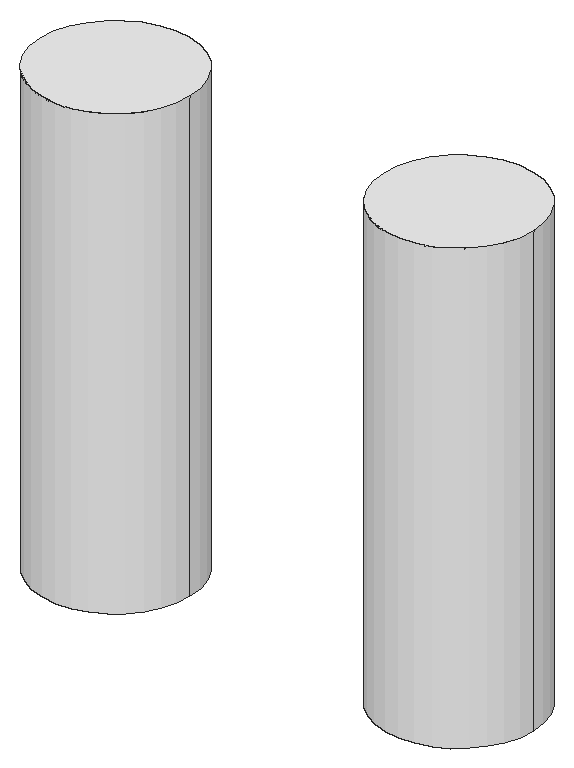
Revit family "55422203(2022)", category Plumbing Fixtures, Revit 2018
Family settings
  Round Connector Dimension = Use Diameter
  Part Type = Normal
  OmniClass Number = 23.45.55.00
  OmniClass Title = Sanitary Faucets, Wastes
  Work Plane-Based = No
  Always vertical = Yes
  Cut with Voids When Loaded = No
  Shared = No
  Room Calculation Point = No
Parameters (values of type "55422203 Washbasin faucet")
  Working Pressure = "50 - 1000 kPa"
  WarrantyStartDate [instance] = "n/a"
  WarrantyGuarantorParts = "n/a"
  WarrantyGuarantorLabor = "n/a"
  WarrantyDurationUnit = "Year"
  WarrantyDurationParts = "n/a"
  WarrantyDurationLabor = "n/a"
  WarrantyDescription = "http://warranty.hansa.com"
  Warranty Information URL = "http://warranty.hansa.com"
  VersionDate = "23/11/2022"
  Version = "1"
  ValvePattern = "n/a"
  ValveOperation = "n/a"
  ValveMechanism = "n/a"
  Uniclass2015Reference = "Pr_40_20_87_96"
  Uniclass2015Description = "Washbasin manual water supply sets"
  Uniclass2 = "Pr_40_30_96_96"
  URL UWL = "http://static.hansa.com/UWL/55422203"
  URL REACH = "http://static.hansa.com/doc/reach"
  URL Declaration of Conformity = "http://static.hansa.com/DoC/55422203"
  URL = ""
  UNSPSC Class Number = "30181700 Faucets or taps"
  Type Comments = ""
  TestPressure = "n/a"
  Technical DataSheet URL = "http://www.hansa.com/datasheet/55422203/en"
  TagNumber [instance] = "n/a"
  SustainabilityPerformance = "n/a"
  Surface treatment = "Chrome"
  Spout Type = "Fixed spout"
  Spout Projection = "101 mm"
  Size = "50x140x125 mm"
  Shape = "Sculptured"
  SerialNumber [instance] = "n/a"
  Sales Package dimensions (LxWxH) = "395 x 195 x 70"
  Revision = "n/a"
  ReplacementCost = "n/a"
  ProductInformation = "n/a"
  Product URL = "http://static.hansa.com/55422203"
  Product Image URL = "http://static.hansa.com/image/55422203"
  Product Family = "5160 "
  Product Code = "55422203"
  OperatingMechanismMaterial = "n/a"
  NominalWidth = 47.158 mm
  NominalHeight = 122.504 mm
  NominalDepth = 138.494 mm
  Noise Class = "I (ISO 3822)"
  Name_en = "55422203 Washbasin faucet"
  Name = "55422203 Washbasin faucet"
  NBSReference = "45-35-70/371"
  NBSDescription = "Water supply fittings for wash basins and troughs"
  Mounting Holes = "1 hole"
  ModelReference = "55422203"
  ModelNumber = "n/a"
  Model = "55422203 Washbasin faucet"
  Mobile Product Information URL = "http://mpi.hansa.com/55422203"
  Mechanical Parts = "ø 35 mm ceramic cartridge for flow and temperature control"
  Max. Hot Water Supply = 70 °C
  Material = "brassPlastic"
  Market = "International;Germany;Austria"
  ManufacturerURL = "http://www.hansa.com"
  ManufacturerName = "HANSA"
  Manufacturer = "HANSA"
  Lever Handle = "Hot/Cold symbols;Single operating lever/handle"
  Keynote = ""
  InstallationDate [instance] = "n/a"
  Installation Type = "Deck mounted"
  InletConnectionSize = 10 mm
  IfcExportType = "FAUCET"  # constant formula
  IfcExportAs = "IfcValveType"  # constant formula
  Group = "Washbasin faucet"
  Grade = "n/a"
  FlowCoefficient = 0
  Flow Rate At 300kPa With Flow Controller = 0.08 L/s
  Flow Drawing URL = "http://static.hansa.com/flowchart/55422203"
  Finish = "Polished"
  Features = "Single-lever"
  FaucetMainMaterial = Brass
  FDV Document URL = "http://www.hansa.com/datasheet/55422203/en/fdv"
  ExpectedLife = "n/a"
  Excluded Items = "Without pop-up waste;Without draw-rod opening"
  ETIM Class Number = "EC011328 Washbasin mixing tap"
  EN Standard = "EN 817"
  EAN Number = "4057304018978"
  DurationUnit = "Year"
  Dimension Drawing URL = "http://static.hansa.com/dimdrw/55422203"
  Description = ""
  DefaultElevation [instance] = 900 mm
  Constituents = "n/a"
  Connection Size = "G3/8"
  Connection = "Flexible inlet pipes"
  Color = "Chrome"
  CodePerformance = "n/a"
  CloseOffRating = 0
  Catalog Drawing URL = "http://static.hansa.com/catdrw/55422203"
  Brand = "HANSA"
  BodyMaterial = "Brass"
  Barcode [instance] = "n/a"
  Backflow Prevention EN1717 = "AA"
  BIMObjectName = "55422203(2022)"
  Author = "BIMStone"
  AssetType = "Fixed"
  AssetIdentifier [instance] = "n/a"
  Aerator = "PCA® - constant flow rate regardless of pressure variations"
  Advanced Features = "Rapid installation system"
  AccessibilityPerformance = "n/a"
Reference planes
  plane 1 "Center (Front/Back)": y = 0
  plane 2: z = 0
  plane 3 "Center (Left/Right)": x = 0
  plane 4: x = -23.579
  plane 5: z = 900
  plane 6: z = 870
  plane 7: y = -138.494
  plane 8: x = 23.579
  plane 9: z = 1022.504
Forms (mm)
  Extrusion 1, solid, material "Brass" <- "FaucetMainMaterial"
    sketch origin (0, -2.393, 0) x (1, 0, 0) y (0, 1, 0)
      loop
        circle (-11.5, -22.5) r 5
      loop
        circle (11.5, -22.5) r 5
    from 870 to 900
Dimensions and locks
  "DefaultElevation": plane 5 to level
  locked: plane 5 to plane 6 at 30
  "NominalDepth": plane 7 to plane 1 "Center (Front/Back)"
  equal spacing: plane 4, plane 3 "Center (Left/Right)", plane 8
  "NominalHeight": plane 9 to plane 5
  "NominalWidth": plane 4 to plane 8
  "InletConnectionSize": diameter of Extrusion 1 sketch curve  (x2)
  aligned and locked: level to plane 2
  aligned and locked: plane 5 to Extrusion 1
  aligned and locked: Extrusion 1 to plane 6
  aligned and locked: plane 1 "Center (Front/Back)" to nested 2
  aligned and locked: plane 3 "Center (Left/Right)" to nested 2
  aligned and locked: plane 3 "Center (Left/Right)" to nested 1
  aligned and locked: plane 1 "Center (Front/Back)" to nested 1
  aligned and locked: plane 5 to nested 2
Automatic sketch dimensions
  Extrusion 1 sketch curve to plane 3 "Center (Left/Right)" = 11.5 mm
  plane 3 "Center (Left/Right)" to Extrusion 1 sketch curve = 11.5 mm
  plane 1 "Center (Front/Back)" to Extrusion 1 sketch curve = 24.893 mm  (x2)
Nested families
  nested 1: "Symbol" at (0, 0, 0), type "Symbol", detail levels coarse
  nested 2: "55422203_Body" at (0, 0, 900), Material <- "FaucetMainMaterial", type "55422203_Body"
    with Material Brass
Connectors
  piping at (-11.5, -24.893, 870), diameter 10, driven by "InletConnectionSize", driven by "Flow Rate At 300kPa With Flow Controller"
    settings: on Extrusion 1, index 1, connector inside diameter 609.6 mm, connector length 0 mm, flow factor 0, pipe flow 0.08 L/s, pressure drop 0.0 Pa, fitting loss kfactor 0, connector angle 0.00°, fixture units 0, engagement length 0 mm, angle of deflection 0.00°, flow configuration 1, flow direction 1, fitting loss method 0, system type 19, joint type 0, gender type 0, connector reference index -1, connector utility 0, adjustable connector no, is connector primary yes, connector description ""
  piping at (11.5, -24.893, 870), diameter 10, driven by "InletConnectionSize", driven by "Flow Rate At 300kPa With Flow Controller"
    settings: on Extrusion 1, index 2, connector inside diameter 609.6 mm, connector length 0 mm, flow factor 0, pipe flow 0.08 L/s, pressure drop 0.0 Pa, fitting loss kfactor 0, connector angle 0.00°, fixture units 0, engagement length 0 mm, angle of deflection 0.00°, flow configuration 1, flow direction 1, fitting loss method 0, system type 20, joint type 0, gender type 0, connector reference index -1, connector utility 0, adjustable connector no, is connector primary no, connector description ""
Definition of nested family "Symbol"
  Reference planes
    plane 1: y = 0
    plane 2: x = 0
  Lines and regions (mm)
    detail lines
      curve 1: line (0, 0, 0) -> (0, -1.8, 0)
      curve 2: line (-0.4, -1.1, 0) -> (0.4, -1.1, 0)
      curve 3: line (-0.4, -1.4, 0) -> (0.4, -1.4, 0)
      curve 4: line (0.863, 0, 0) -> (-0.863, 0, 0)
      curve 5: circle (-1.163, 0, 0) r 0.3 normal (0, 0, -1)
      curve 6: circle (1.163, 0, 0) r 0.3 normal (0, 0, 1)
Definition of nested family "55422203_Body"
  Parameters (values of type "55422203_Body")
    Material [instance] = none
  Reference planes
    plane 1 "Center (Front/Back)": y = 0
    plane 2: z = 0
    plane 3 "Center (Left/Right)": x = 0
    plane 4: z = 122.504
    plane 5: y = -138.494
    plane 6: x = -23.579
    plane 7: x = 23.579
  Forms (mm)
    Revolve 1, solid, material <- "Material", detail levels medium
      sketch origin (0, 0, 0) x (0, 1, 0) y (0, 0, 1)
        loop
          line (0.147, -7.757) -> (-2.408, 127.297) -> (-25.896, 127.297) -> (-23.341, -7.757) -> (0.147, -7.757)
        axis (-23.333, -8.201) -> (-25.896, 127.297)
      angle from 0 to 360
    Extrusion 2, void
      sketch origin (0, 0, 0) x (0, 1, 0) y (0, 0, 1)
        loop
          line (25.641, 122.104) -> (25.641, 142.777) -> (-138.494, 142.777) -> (-138.494, 122.104) -> (25.641, 122.104)
        loop
          line (25.641, 0) -> (-134.359, 0) -> (-134.359, -25) -> (25.641, -25) -> (25.641, 0)
      from -23.579 to 23.579
    Extrusion 3, solid, material <- "Material", detail levels medium
      sketch origin (0, 0, 0) x (0, 1, 0) y (0, 0, 1)
        loop
          line (-25.682, 117.297) -> (-25.682, 122.104) -> (-110.75, 122.104)
          arc (-110.75, 122.104) -> (-111.943, 121.076) -> (-111.103, 119.744) r 1.206
          line (-111.103, 119.744) -> (-103.108, 117.297) -> (-25.682, 117.297)
      from -22 to 22
    Extrusion 4, solid, material <- "Material", detail levels medium
      sketch origin (0, 0, 0) x (0, 1, 0) y (0, 0, 1)
        loop
          line (-23.504, 69.475) -> (-23.504, 89.465) -> (-137.334, 89.465)
          arc (-137.334, 89.465) -> (-138.154, 89.126) -> (-138.494, 88.305) r 1.16
          line (-138.494, 88.305) -> (-138.494, 86.465) -> (-109.067, 69.475) -> (-23.504, 69.475)
      from -20 to 20
    Revolve 5, solid, material <- "Material", detail levels medium
      sketch origin (0, 0, 0) x (0, 1, 0) y (0, 0, 1)
        loop
          line (-124.264, 69.526) -> (-113.922, 63.556) -> (-108.864, 72.317) -> (-119.206, 78.288) -> (-124.264, 69.526)
        axis (-124.264, 69.526) -> (-119.206, 78.288)
      angle from 0 to 360
    Extrusion 6, solid, material <- "Material", detail levels coarse
      sketch origin (0, 0, 0) x (1, 0, 0) y (0, 1, 0)
        loop
          line (-23.579, 0) -> (-23.579, -138.494) -> (23.579, -138.494) -> (23.579, 0) -> (-23.579, 0)
      from 0 to 122.504
  Cuts and joins
    Extrusion 2 cuts Revolve 1
    joined: Revolve 1, Extrusion 3, Extrusion 4, Revolve 5
  Lines and regions (mm)
    symbolic lines, detail levels medium+fine
      curve 1: line (0, 0, 0) -> (0, -46.976, 0)
      curve 2: line (0, -46.976, 0) -> (0, -46.349, 35.089)
      curve 3: line (0, -1.692, 89.465) -> (0, -2.732, 89.465)
      curve 4: line (0, -2.732, 89.465) -> (0, -6.367, 99.452)
      curve 6: line (0, -45.682, 91.465) -> (0, -43.74, 91.465)
      curve 8: line (0, -45.682, 110.297) -> (0, -45.682, 91.465)
      curve 9: line (0, -1.349, 102.446) -> (0, -1.65, 120.138)
      curve 10: line (0, -3.65, 122.104) -> (0, -110.75, 122.104)
      curve 11: line (0, -52.682, 117.297) -> (0, -103.108, 117.297)
      curve 12: line (0, -111.103, 119.744) -> (0, -103.108, 117.297)
      curve 13: arc (0, -110.75, 122.104) -> (0, -111.943, 121.076) -> (0, -111.103, 119.744) r 1.206
      curve 14: arc (0, -45.682, 110.297) -> (0, -47.733, 115.247) -> (0, -52.682, 117.297) r 7
      curve 15: arc (0, -1.65, 120.138) -> (0, -2.248, 121.53) -> (0, -3.65, 122.104) r 2
      curve 16: arc (0, -1.927, 101.523) -> (0, -1.501, 101.899) -> (0, -1.349, 102.446) r 1
      curve 17: line (0, -80.126, 69.475) -> (0, -109.067, 69.475)
      curve 18: arc (0, -46.349, 35.089) -> (0, -56.026, 59.366) -> (0, -80.126, 69.475) r 33.783
      curve 19: line (0, -138.494, 86.465) -> (0, -130.843, 82.048)
      curve 20: line (0, -138.494, 86.465) -> (0, -138.494, 88.305)
      curve 21: arc (0, -137.334, 89.465) -> (0, -138.154, 89.126) -> (0, -138.494, 88.305) r 1.16
      curve 22: line (0, -114.745, 64.031) -> (0, -133.783, 75.022)
      curve 23: line (0, -132.212, 79.677) -> (0, -130.843, 82.048)
      curve 24: line (0, -111.514, 67.727) -> (0, -110.145, 70.098)
      curve 26: line (0, -132.212, 79.677) -> (0, -131.858, 78.356)
      curve 27: line (0, -131.858, 78.356) -> (0, -133.783, 75.022)
      curve 28: line (0, -111.514, 67.727) -> (0, -112.812, 67.38)
      curve 29: line (0, -112.812, 67.38) -> (0, -114.745, 64.031)
      curve 30: line (0, -110.145, 70.098) -> (0, -109.067, 69.475)
      curve 32: line (0, -44.276, 89.465) -> (0, -43.74, 91.465)
      curve 33: line (0, 0, 0) -> (0, -1.692, 89.465)
      curve 35: line (0, -6.367, 99.452) -> (0, -1.927, 101.523)
      curve 36: line (0, -44.276, 89.465) -> (0, -137.334, 89.465)
      curve 38: line (-23.579, 0, 0) -> (-21.706, 0, 88.339)
      curve 39: arc (-21.706, 0, 88.339) -> (-21.363, 0, 89.135) -> (-20.562, 0, 89.465) r 1.15
      curve 40: line (-20.562, 0, 89.465) -> (-20.207, 0, 91.476)
      curve 41: line (-20.207, 0, 91.476) -> (-22.236, 0, 91.476)
      curve 42: line (-22.236, 0, 91.476) -> (-21.787, 0, 120.893)
      curve 43: line (0, 0, 122.504) -> (-20.518, 0, 122.164)
      curve 44: arc (-20.518, 0, 122.164) -> (-21.409, 0, 121.786) -> (-21.787, 0, 120.893) r 1.29
      curve 51: line (23.579, 0, 0) -> (21.706, 0, 88.339)
      curve 52: arc (21.706, 0, 88.339) -> (21.363, 0, 89.135) -> (20.562, 0, 89.465) r 1.15
      curve 53: line (20.562, 0, 89.465) -> (20.207, 0, 91.476)
      curve 54: line (20.207, 0, 91.476) -> (22.236, 0, 91.476)
      curve 55: line (22.236, 0, 91.476) -> (21.787, 0, 120.893)
      curve 56: line (0, 0, 122.504) -> (20.518, 0, 122.164)
      curve 57: arc (20.518, 0, 122.164) -> (21.409, 0, 121.786) -> (21.787, 0, 120.893) r 1.29
      curve 60: line (-23.579, 0, 0) -> (23.579, 0, 0)
      curve 66: arc (21.853, -32.435, 0) -> (19.555, -10.404, 0) -> (0, 0, 0) r 23.579
      curve 67: line (-21.853, -124.494, 0) -> (-21.853, -32.435, 0)
      curve 68: line (21.853, -124.494, 0) -> (21.853, -32.435, 0)
      curve 69: line (7.853, -138.494, 0) -> (-7.853, -138.494, 0)
      curve 70: arc (-7.853, -138.494, 0) -> (-17.752, -134.394, 0) -> (-21.853, -124.494, 0) r 14
      curve 71: arc (21.853, -124.494, 0) -> (17.752, -134.394, 0) -> (7.853, -138.494, 0) r 14
      curve 78: arc (0, 0, 0) -> (-19.555, -10.404, 0) -> (-21.853, -32.435, 0) r 23.579
    symbolic lines, detail levels fine
      curve 5: line (0, -22.289, 92.028) -> (0, -6.367, 99.452)
      curve 7: arc (0, -24.824, 91.465) -> (0, -23.526, 91.608) -> (0, -22.289, 92.028) r 6
      curve 25: line (0, -111.514, 67.727) -> (0, -132.212, 79.677)
      curve 31: line (0, -130.843, 82.048) -> (0, -110.145, 70.098)
      curve 34: line (0, -2.732, 89.465) -> (0, -44.276, 89.465)
      curve 37: line (0, -43.74, 91.465) -> (0, -24.824, 91.465)
      curve 45: line (0, 0, 117.297) -> (-17.265, 0, 117.297)
      curve 46: arc (-17.265, 0, 117.297) -> (-20.154, 0, 118.306) -> (-21.787, 0, 120.893) r 4.641
      curve 47: spline (11.975, 0, 70.093) -> (11.567, 0, 68.444) -> (10.371, 0, 66.907) -> (8.468, 0, 65.587) -> (5.988, 0, 64.574) -> (3.099, 0, 63.937) -> (0, 0, 63.72) -> (-3.099, 0, 63.937) -> (-5.988, 0, 64.574) -> (-8.468, 0, 65.587) -> (-10.371, 0, 66.907) -> (-11.567, 0, 68.444) -> (-11.975, 0, 70.093) -> (-11.567, 0, 71.743) -> (-10.371, 0, 73.28) -> (-8.468, 0, 74.6) -> (-5.988, 0, 75.612) -> (-3.099, 0, 76.249) -> (0, 0, 76.466) -> (3.099, 0, 76.249) -> (5.988, 0, 75.612) -> (8.468, 0, 74.6) -> (10.371, 0, 73.28) -> (11.567, 0, 71.743) -> (11.975, 0, 70.093)
      curve 48: line (-11.975, 0, 70.093) -> (-11.975, 0, 76.046)
      curve 49: spline (-11.975, 0, 76.046) -> (-11.567, 0, 77.695) -> (-10.371, 0, 79.232) -> (-8.468, 0, 80.552) -> (-5.988, 0, 81.565) -> (-3.099, 0, 82.201) -> (0, 0, 82.419) -> (3.099, 0, 82.201) -> (5.988, 0, 81.565) -> (8.468, 0, 80.552) -> (10.371, 0, 79.232) -> (11.567, 0, 77.695) -> (11.975, 0, 76.046)
      curve 50: line (11.975, 0, 70.093) -> (11.975, 0, 76.046)
      curve 58: line (0, 0, 117.297) -> (17.265, 0, 117.297)
      curve 59: arc (17.265, 0, 117.297) -> (20.154, 0, 118.306) -> (21.787, 0, 120.893) r 4.641
      curve 61: line (-20.562, 0, 89.465) -> (20.562, 0, 89.465)
      curve 62: line (20.207, 0, 91.476) -> (-20.207, 0, 91.476)
      curve 63: spline (20.24, 0, 79.358) -> (19.55, 0, 81.132) -> (17.528, 0, 82.785) -> (14.312, 0, 84.205) -> (10.12, 0, 85.294) -> (5.238, 0, 85.979) -> (0, 0, 86.213) -> (-5.238, 0, 85.979) -> (-10.12, 0, 85.294) -> (-14.312, 0, 84.205) -> (-17.528, 0, 82.785) -> (-19.55, 0, 81.132) -> (-20.24, 0, 79.358)
      curve 64: arc (-20.24, 0, 79.358) -> (-17.874, 0, 73.15) -> (-11.975, 0, 70.093) r 9.326
      curve 65: arc (20.24, 0, 79.358) -> (17.874, 0, 73.15) -> (11.975, 0, 70.093) r 9.326
      curve 72: line (6.853, -112.088, 0) -> (-6.853, -112.088, 0)
      curve 73: arc (-21.853, -97.088, 0) -> (-17.459, -107.695, 0) -> (-6.853, -112.088, 0) r 15
      curve 74: arc (6.853, -112.088, 0) -> (17.459, -107.695, 0) -> (21.853, -97.088, 0) r 15
      curve 75: arc (-21.853, -23.357, 0) -> (0, -1.504, 0) -> (21.853, -23.357, 0) r 21.853
      curve 76: line (-21.853, -32.435, 0) -> (-21.853, -23.357, 0)
      curve 77: line (21.853, -32.435, 0) -> (21.853, -23.357, 0)
  Dimensions and locks
    aligned and locked: level to plane 2
